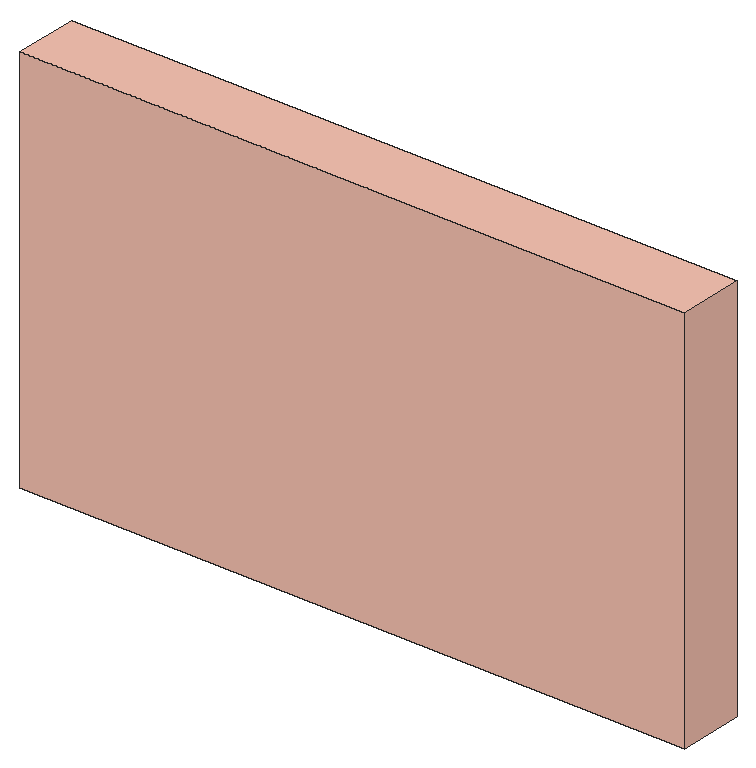
Revit family "EXP_WT-2_CPan-016", category Curtain Panels, Revit 2021
Family settings
  OmniClass Number = 23.25.20.14.11.11.17
  OmniClass Title = Infill Panels
  Always vertical = Yes
  Cut with Voids When Loaded = No
  Shared = No
Parameters (values of type "H2 = 7' 8 3/4"")
  UI-UnitNumber [instance] = "001"
  UI-Quadrant [instance] = "03"
  UI-ProjectAbbreviation = "NEU"
  UI-ItemCategory = "PID"
  UI-FloorNumber [instance] = "03"
  PNT-WallType = "WT2"
  PNT-ProjectAbbreviation = "NEU"
  PNT-PanelType [instance] = "01"
  PNT-ItemCategory = "PNL"
  GlassH1 [instance] = IG-2F(Glass)
  Define Thermal Properties by = Schematic Type
  CellSp = 0' - 10 3/16"
  CellL [instance] = 8' - 10"
  CellH2 = 7' - 8 3/4"
  CellH1 [instance] = CellH - CellH2  # 5' - 2 1/4"
  CellH [instance] = 12' - 11"
  Analytic Construction = "<None>"
Types (2): name | CellH2 | CellH1
  H2 = 7' 8 3/4" | 7' - 8 3/4" | 5' - 2 1/4"
  H2 = 8' | 8' - 0" | 4' - 11"
Reference planes (in)
  plane 1 "Center (Front/Back)": y = 0
  plane 2: z = 0
  plane 3 "Center (Left/Right)": x = 0
  plane 4 "Left": x = -53
  plane 5 "Right": x = 53
  plane 6 "Top": z = 155
  plane 7: z = 92.75
  plane 8: y = -10.1875
Forms (in)
  Extrusion 1, solid, material "IG-2F(Glass)" <- "GlassH1"
    sketch origin (0, 0, 0) x (0, 1, 0) y (0, 0, 1)
      loop
        line (-10.1875, 155) -> (-10.1875, 92.75) -> (0, 92.75) -> (0, 155) -> (-10.1875, 155)
    from -53 to 53
Text (in)
  text "Exterior" at (-92.59733, 55.75508, 0), in view "Ref. Level"
  text "Exterior" at (0, 90.18664, 173.49264), in view "Left"
  text "Exterior" at (0, 52.29083, 162.21847), in view "Right"
Dimensions and locks (in)
  equal spacing: plane 4 "Left", plane 3 "Center (Left/Right)", plane 5 "Right"  (x2)
  "CellH2": plane 2 to plane 7
  "CellH1": plane 7 to plane 6 "Top"
  Extrusion 1 sketch curve to Extrusion 1 sketch curve = 0' - 10 3/16"
  "CellL": plane 4 "Left" to plane 5 "Right"
  "CellH": plane 2 to plane 6 "Top"
  "CellSp": plane 8 to plane 1 "Center (Front/Back)"
  aligned and locked: level to plane 2
  aligned and locked: plane 6 "Top" to Extrusion 1 sketch curve
  aligned and locked: plane 8 to Extrusion 1 sketch curve
  aligned and locked: Extrusion 1 to plane 5 "Right"
  aligned and locked: plane 4 "Left" to Extrusion 1
  aligned and locked: Extrusion 1 to plane 1 "Center (Front/Back)"
  aligned and locked: plane 1 "Center (Front/Back)" to nested 1
  aligned and locked: nested 1 to plane 6 "Top"
  aligned and locked: plane 4 "Left" to nested 1
Automatic sketch dimensions
  Extrusion 1 sketch curve to plane 7 = 0' - 0"
Nested families (in)
  nested 1: "EXP_xx_DetO-002" at (0, 0, 92.75), CellH <- "CellH1", CellL <- "CellL", type "EXP_xx_DetO-002", detail levels coarse
    with CellL 8' - 10", CellH 5' - 2 1/4"
Definition of nested family "EXP_xx_DetO-002"
  Parameters (values of type "EXP_xx_DetO-002")
    Default Elevation = 0' - 0"
    CellL [instance] = 5' - 4.56693"
    CellH [instance] = 5' - 2.99213"
  Reference planes (in)
    plane 1 "Center (Front/Back)": y = 0
    plane 2: z = 0
    plane 3 "Center (Left/Right)": x = 0
    plane 4: x = -32.28346
    plane 5: x = 32.28346
    plane 6: z = 62.99213
  Lines and regions (in)
    model lines
      curve 1: line (-32.28346, 0, 62.99213) -> (32.28346, 0, 0)
      curve 2: line (32.28346, 0, 62.99213) -> (-32.28346, 0, 0)
  Dimensions and locks (in)
    "CellH": plane 6 to level
    equal spacing: plane 4, plane 3 "Center (Left/Right)", plane 5
    "CellL": plane 4 to plane 5
    aligned and locked: level to plane 2
  Automatic sketch dimensions
    curve 2 to level = 0' - 0"
    plane 4 to curve 2 = 0' - 0"
    plane 4 to curve 1 = 0' - 0"
    plane 5 to curve 2 = 0' - 0"
    curve 1 to level = 0' - 0"
    plane 5 to curve 1 = 0' - 0"
    curve 2 to plane 6 = 0' - 0"
    curve 1 to plane 6 = 0' - 0"
